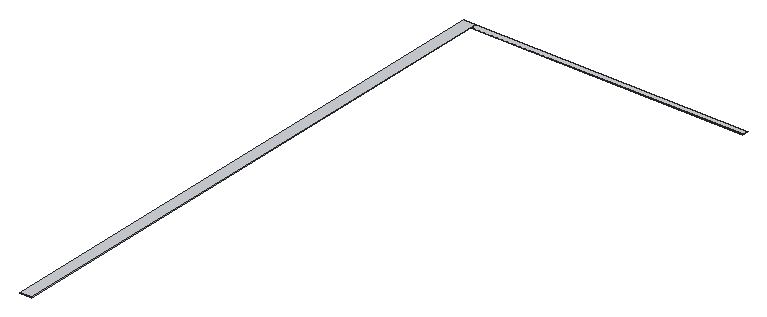
Revit family "Place Parking Interieur Standard", category Modèles génériques, Revit 2018
Family settings
  Peut héberger une armature = Non
  Cote de connecteur circulaire = Utiliser le diamètre
  Type d'élément = Normal
  Basée sur le plan de construction = Non
  Toujours verticalement = Oui
  Couper avec des vides une fois chargée = Non
  Partagée = Non
  Point de calcul de pièce = Non
Parameters
  Longueur place [instance] = 4800 mm
  Largeur place [instance] = 2450 mm
Reference planes
  plane 1 "Centre (avant/arrière)": y = 0
  plane 2: z = 0
  plane 3 "Centre (gauche/droite)": x = 0
  plane 4: x = 2450
  plane 5: y = -4800
Forms (mm)
  Extrusion 1, solid
    sketch origin (60, 0, 0) x (1, 0, 0) y (0, 1, 0)
      loop
        line (-60, 0) -> (-60, -4800) -> (40, -4800) -> (40, 0) -> (-60, 0)
    from 0 to 3
  Extrusion 2, solid
    sketch origin (0, 0, 0) x (1, 0, 0) y (0, 1, 0)
      loop
        line (100, 0) -> (100, -50) -> (2450, -50) -> (2450, 0) -> (100, 0)
    from 0 to 3
Lines and regions (mm)
  model lines
    curve 1: line (2450, 0, 0) -> (2450, -4800, 0)
Dimensions and locks
  locked: Extrusion 1 sketch curve to Extrusion 1 sketch curve at 100
  locked: Extrusion 2 sketch curve to Extrusion 2 sketch curve at 50
  "Largeur place": plane 3 "Centre (gauche/droite)" to plane 4
  "Longueur place": plane 1 "Centre (avant/arrière)" to plane 5
  aligned and locked: level to plane 2
  aligned and locked: Extrusion 1 to plane 3 "Centre (gauche/droite)"
  aligned and locked: plane 1 "Centre (avant/arrière)" to Extrusion 2 sketch curve
  aligned and locked: Extrusion 2 sketch curve to plane 4
  aligned and locked: plane 1 "Centre (avant/arrière)" to Extrusion 1 sketch curve
  aligned and locked: plane 5 to Extrusion 1 sketch curve
  aligned and locked: curve 1 to plane 4
Automatic sketch dimensions
  curve 1 to plane 5 = 0 mm
  plane 1 "Centre (avant/arrière)" to curve 1 = 0 mm
  Extrusion 1 sketch curve to plane 3 "Centre (gauche/droite)" = 0 mm
  plane 3 "Centre (gauche/droite)" to Extrusion 2 sketch curve = 100 mm
